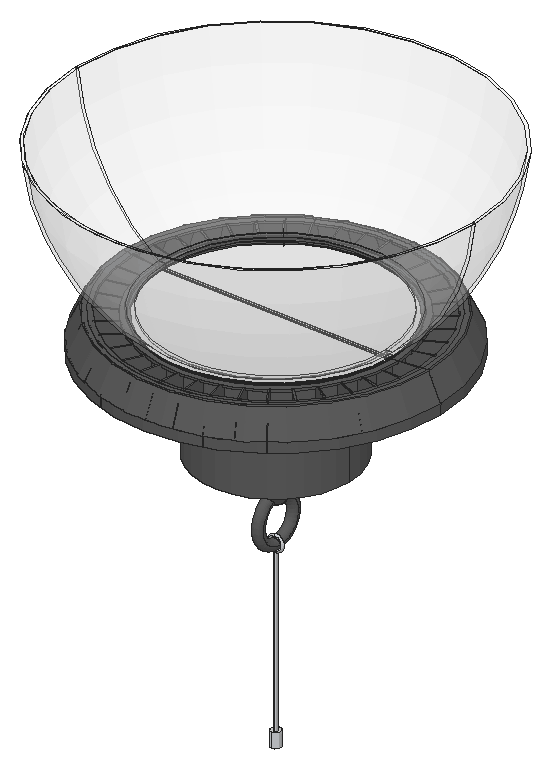
Revit family "0039346+0039361 Feilo Sylvania Lighting Fixture START HIGHBAY 4K 26KLM MEDIUM with PC LAMPSHADE TRANSPARENT FOR 26KLM", category Lighting Fixtures, host Face, Revit 2017
Family settings
  Host = Face
  Round Connector Dimension = Use Diameter
  Part Type = Normal
  OmniClass Number = 23.80.70.00
  OmniClass Title = Lighting
  Cut with Voids When Loaded = No
  Light Source = Yes
  Shared = No
  Room Calculation Point = No
Parameters (values of type "0039346+0039361 START HIGHBAY 4K 26KLM MEDIUM PC LAMPSHADE TRANSPARENT FOR 26KLM")
  WidthStraight_FEILO = if(SizeS_FEILO, 3 mm, if(SizeM_FEILO, 4 mm, 4.7 mm))  # 4.7 mm
  WidthRingChamfer_FEILO = if(SizeS_FEILO, 10.3 mm, if(SizeM_FEILO, 11.2 mm, 12.9 mm))  # 12.9 mm
  WidthCurved_FEILO = if(SizeS_FEILO, 17.4 mm, if(SizeM_FEILO, 16.4 mm, 26.2 mm))  # 26.2 mm
  WidthCurvedRing_FEILO = if(SizeS_FEILO, 3 mm, if(SizeM_FEILO, 4 mm, 4.7 mm))  # 4.7 mm
  WidthBracket_FEILO = 40 mm
  Weight = "3.7 kg"
  Wattage Comments = ""
  Wattage = 200 W
  WarrantyStartDate [instance] = "n/a"
  WarrantyGuarantorParts = "n/a"
  WarrantyDurationUnit = "n/a"
  WarrantyDurationParts = "n/a"
  WarrantyDescription = "n/a"
  built-in parameter 1150110 = 1 (stored number, unit not read)
  Voltage = 230 V
  VisibilityBracket_FEILO = no
  URL = "http://www.sylvania-lighting.com"
  TypeName = "START HIGHBAY 4K 26KLM MEDIUM PC LAMPSHADE TRANSPARENT FOR 26KLM"
  Type Image = <None>
  Type Comments = "n/a"
  built-in parameter 1114217 = 1 (stored number, unit not read)
  Tilt Angle = -90.00°
  ThicknessWall_FEILO = 1.5 mm
  ThicknessBracket_FEILO = 1.5 mm
  ThicknessBracketHalf_FEILO = ThicknessBracket_FEILO / 2  # 0.75 mm
  built-in parameter 1150109 = 1 (stored number, unit not read)
  built-in parameter 1150134 = 12
  SuspensionHeight_FEILO [instance] = 400 mm
  built-in parameter 1150113 = 1 (stored number, unit not read)
  SizeS_FEILO = no
  SizeM_FEILO = no
  ShadeThickness_FEILO = 3 mm
  ShadeSizeSM_FEILO = or(SizeS_FEILO, SizeM_FEILO)  # no
  ShadeRadiusOut_FEILO = 205 mm
  ShadeRadiusIn_FEILO = if(ShadeSizeSM_FEILO, 95 mm, 121 mm)  # 121 mm
  ShadeRadiusBend_FEILO = if(ShadeSizeSM_FEILO, 210 mm, 210 mm)  # 210 mm
  ShadeHeight_FEILO = if(ShadeSizeSM_FEILO, 120 mm, 151 mm)  # 151 mm
  SerialNumber [instance] = "n/a"
  Rib4_FEILO = if(SizeS_FEILO, 18.1 mm, if(SizeM_FEILO, 13.6 mm, 14.6 mm))  # 14.6 mm
  Rib3_FEILO = if(SizeS_FEILO, 15.3 mm, if(SizeM_FEILO, 17.6 mm, 20.2 mm))  # 20.2 mm
  Rib2_FEILO = if(SizeS_FEILO, 3.6 mm, if(SizeM_FEILO, 3.9 mm, 4.5 mm))  # 4.5 mm
  Rib1_FEILO = if(SizeS_FEILO, 15.1 mm, if(SizeM_FEILO, 16.5 mm, 19 mm))  # 19 mm
  RadiusDiffuser_FEILO = if(SizeS_FEILO, 95.2 mm, if(SizeM_FEILO, 105.3 mm, 120 mm))  # 120 mm
  RadiusArrayPost_FEILO = DriverRadius_FEILO - 6 mm  # 70.4 mm
  RHRadius3_FEILO = if(SizeS_FEILO, 6.6 mm, if(SizeM_FEILO, 7.4 mm, 8.6 mm))  # 8.6 mm
  RHRadius2_FEILO = if(SizeS_FEILO, 11 mm, if(SizeM_FEILO, 12 mm, 14 mm))  # 14 mm
  RHRadius1_FEILO = if(SizeS_FEILO, 13.6 mm, if(SizeM_FEILO, 14.9 mm, 17.7 mm))  # 17.7 mm
  RHHeight4_FEILO = if(SizeS_FEILO, 7.3 mm, if(SizeM_FEILO, 8 mm, 9.2 mm))  # 9.2 mm
  RHHeight3_FEILO = if(SizeS_FEILO, 3.6 mm, if(SizeM_FEILO, 3.7 mm, 4.6 mm))  # 4.6 mm
  RHHeight2_FEILO = if(SizeS_FEILO, 2 mm, if(SizeM_FEILO, 2.2 mm, 2.6 mm))  # 2.6 mm
  RHHeight1_FEILO = if(SizeS_FEILO, 11.8 mm, if(SizeM_FEILO, 15.3 mm, 17.4 mm))  # 17.4 mm
  Photometric Web File = "0039346+0039361.ies"
  Material_5_FEILO = Shade-Sylvania-StartHighbay-PC
  Material_3_FEILO = LED-Sylvania-StartHighbay-Glow
  PowerFactor = 0.95
  PowerConsumption = "200 W"
  NominalLength = 339 mm
  NominalHeight = 194 mm
  NominalDepth = 339 mm
  Name = "START HIGHBAY 4K 26KLM MEDIUM PC LAMPSHADE TRANSPARENT FOR 26KLM"
  ModelReference = Name  # "START HIGHBAY 4K 26KLM MEDIUM PC LAMPSHADE TRANSPARENT FOR 26KLM"
  ModelNumber = "0039346+0039361"
  Model = Name  # "START HIGHBAY 4K 26KLM MEDIUM PC LAMPSHADE TRANSPARENT FOR 26KLM"
  Material = "aluminium alloy housing, polycarbonate diffuser"
  ManufacturerName = "Feilo Sylvania"
  Manufacturer = "Feilo Sylvania"
  LuminousEfficacy = "130 lm/W"
  built-in parameter 1150105 = 35142.4 (stored number, unit not read)
  Lumens = 26000 lm
  LuminaireType = ""
  built-in parameter 1150115 = 1 (stored number, unit not read)
  LightOutputRatio = "n/a"
  built-in parameter 1150137 = (empty or 0)
  built-in parameter 1150139 = (empty or 0)
  LampsType = Lamp  # "LED"
  LampNominalLuminous = "26000 lm"
  LampMacAdamStep = "n/a"
  LampColourTemperature = "4000 K"
  LampColourRenderingIndex = "80"
  built-in parameter 1150112 = 1 (stored number, unit not read)
  built-in parameter 1150114 = 1 (stored number, unit not read)
  Lamp = "LED"
  Keynote = "16500"
  InstallationDate [instance] = "n/a"
  InputVoltage = "220-240V~"
  InputNominalFrequency = "50/60 Hz"
  built-in parameter 1150132 = (empty or 0)
  built-in parameter 1150102 = (empty or 0)
  built-in parameter 1150107 = 4000 (stored number, unit not read)
  built-in parameter 1150138 = (empty or 0)
  IngressProtection = "IP65"
  ImpactProtectionIndex = "IK08"
  built-in parameter 1150106 = 351.42 (stored number, unit not read)
  IfcExportType = "IfcLightFixtureType"
  IfcExportAs = "IfcLightFixtureType"
  HeightRing_FEILO = if(SizeS_FEILO, 19.8 mm, if(SizeM_FEILO, 32 mm, 36.8 mm))  # 36.8 mm
  HeightRingChamfer_FEILO = if(SizeS_FEILO, 11.7 mm, if(SizeM_FEILO, 23.2 mm, 26.6 mm))  # 26.6 mm
  EyeThickness_FEILO = if(SizeS_FEILO, 8.4 mm, if(SizeM_FEILO, 9.2 mm, 10.5 mm))  # 10.5 mm
  EyeThicknessHalf_FEILO = EyeThickness_FEILO / 2  # 5.25 mm
  EyeInner_FEILO = if(SizeS_FEILO, 13.8 mm, if(SizeM_FEILO, 15.1 mm, 17.3 mm))  # 17.3 mm
  ExpectedLife = 50000
  Emit from Circle Diameter = RadiusDiffuser_FEILO * 2  # 240 mm
  Emit Shape Visible in Rendering = no
  ElectricShockClassification = "Class I"
  built-in parameter 1150104 = 12.077 (stored number, unit not read)
  DurationUnit = "hours"
  DriverVerticalStraight_FEILO = if(SizeS_FEILO, 46.5 mm, if(SizeM_FEILO, 49.7 mm, 57 mm))  # 57 mm
  DriverVerticalChamfer_FEILO = if(SizeS_FEILO, 7.5 mm, if(SizeM_FEILO, 8.2 mm, 9.5 mm))  # 9.5 mm
  DriverRadius_FEILO = if(SizeS_FEILO, 61.4 mm, if(SizeM_FEILO, 67.2 mm, 76.4 mm))  # 76.4 mm
  DriverRadiusTop_FEILO = if(SizeS_FEILO, 42 mm, if(SizeM_FEILO, 45.3 mm, 52.4 mm))  # 52.4 mm
  DriverBottom_FEILO = if(SizeS_FEILO, 56 mm, if(SizeM_FEILO, 64.5 mm, 74 mm))  # 74 mm
  DocumentationLiterature = "http://www.sylvania-lighting.com/product/en-int/products/0039346"
  DimmingControlOptions = "n/a"
  Material_2_FEILO = Diffuser-Sylvania-StartHighbay-Transparent
  Radius_FEILO = if(SizeS_FEILO, 135 mm, if(SizeM_FEILO, 148 mm, 169.5 mm))  # 169.5 mm
  Dimming Lamp Color Temperature Shift = <None>
  DiameterWire_FEILO = 3 mm
  DiameterWireSupport_FEILO = 10 mm
  Description = "START HIGHBAY, includes 1 m cables, black aluminium housing, 26000LM, 200W, 130lm/W, 4000K, Driver current: 5000mA, CR80, 60° beam angle, 1-10V dimmable,  IP65, IK08, 50,000 hrs (L70B50), (LxWxH) 339x339x194mm"
  Default Elevation = 1219.2 mm
  CreatedOn = "2/28/2018"
  CreatedBy = ""
  Cost = 0
  Color Filter = 16777215
  built-in parameter 1114216 [instance] = (empty or 0)
  ClassificationValue = "EF_70_80"
  ClassificationName = "Uniclass2015"
  Material_1_FEILO = Body-Sylvania-StartHighbay-Black
  BarCode [instance] = "n/a"
  built-in parameter 1114218 = 1 (stored number, unit not read)
  built-in parameter 1150133 = 10 (stored number, unit not read)
  AssetType = "Fixed"
  AssetIdentifier [instance] = "n/a"
  Assembly Code = "D5020200"
  Apparent Load = 200 VA
  Material_4_FEILO = Shade-Sylvania-StartHighbay-PC
Reference planes
  plane 1 "Center (Front/Back)": y = 0
  plane 2: z = 0
  plane 3 "Center (Left/Right)": x = 0
  plane 4: z = 400
  plane 5: x = -169.5
  plane 6: x = -156.6
  plane 7: z = 373.4
  plane 8: z = 363.2
  plane 9: x = -151.9
  plane 10: z = 397.375
  plane 11: x = -125.7
  plane 12: x = -120
  plane 13: x = -147.2
  plane 14: z = 398.375
  plane 15: z = 396.375
  plane 16: x = -117
  plane 17: z = 395.375
  plane 18: x = -168
  plane 19: x = -150.5
  plane 20: z = 358.7
  plane 21: x = -130.3
  plane 22: z = 344.1
  plane 23: x = -20
  plane 24: z = 326
  plane 25: x = -76.4
  plane 26: z = 269
  plane 27: x = -52.4
  plane 28: z = 259.5
  plane 29: x = -17.7
  plane 30: z = 242.1
  plane 31: z = 239.5
  plane 32: x = -14
  plane 33: z = 234.9
  plane 34: z = 225.7
  plane 35: x = -8.6
  plane 36: z = 208.4
  plane 37: z = 191.1
  plane 38: x = 5.25
  plane 39: x = -5.25
  plane 40: z = 180.6
  plane 41: z = 185.85
  plane 42: x = -162.3
  plane 43: x = -167
  plane 44: z = 361.7
  plane 45: x = -155.1
  plane 46: z = 297.5
  plane 47: y = -20
  plane 48: y = 20
  plane 49: x = 169.5
  plane 50: x = 156.6
  plane 51: x = 168
  plane 52: x = 162.3
  plane 53: x = 167
  plane 54: x = 155.1
  plane 55: z = 194.1
  plane 56: y = 1.5
  plane 57: y = -1.5
  plane 58: z = 192.6
  plane 59: z = 179.1
  plane 60: z = 177.6
  plane 61: y = -5
  plane 62: y = 5
  plane 63: z = 14
  plane 64: x = -205
  plane 65: z = 551
  plane 66: x = -121
  plane 67: x = -113
  plane 68: x = -202
  plane 69: z = 403
Forms (mm)
  Revolve 1, solid, material "Body-Sylvania-StartHighbay-Black" <- "Material_1_FEILO", detail levels medium+fine
    sketch origin (0, 0, 0) x (1, 0, 0) y (0, 0, 1)
      loop
        line (-169.5, 363.2) -> (-168, 363.2) -> (-168, 373.055) -> (-156.206, 397.375) -> (-147.2, 397.375) -> (-147.2, 399.137)
        arc (-147.2, 399.137) -> (-149.554, 399.547) -> (-151.9, 400) r 132.063
        line (-151.9, 400) -> (-156.141, 400)
        arc (-156.141, 400) -> (-156.63, 399.826) -> (-156.899, 399.383) r 0.774
        line (-156.899, 399.383) -> (-169.5, 373.4) -> (-169.5, 363.2)
      axis (0, 400) -> (0, 363.2)
    angle from 360 to 0
  Revolve 2, solid, material "Body-Sylvania-StartHighbay-Black" <- "Material_1_FEILO", detail levels medium+fine
    sketch origin (0, 0, 0) x (1, 0, 0) y (0, 0, 1)
      loop
        line (-125.7, 395.375) -> (-120, 395.375) -> (-120, 373.4) -> (0, 373.4) -> (0, 395.375) -> (-117, 395.375) -> (-117, 396.375) -> (-120, 396.375) -> (-120, 397.375) -> (-125.7, 397.375) -> (-125.7, 395.375)
      axis (0, 397.375) -> (0, 373.4)
    angle from 360 to 0
  Revolve 3, solid, material "Diffuser-Sylvania-StartHighbay-Transparent" <- "Material_2_FEILO", detail levels medium+fine
    sketch origin (0, 0, 0) x (1, 0, 0) y (0, 0, 1)
      loop
        line (-120, 396.375) -> (0, 396.375) -> (0, 398.375) -> (-120, 398.375) -> (-120, 396.375)
      axis (0, 398.375) -> (0, 396.375)
    angle from 360 to 0
  Revolve 4, solid, material "Body-Sylvania-StartHighbay-Black" <- "Material_1_FEILO"
    sketch origin (0, 0, 0) x (1, 0, 0) y (0, 0, 1)
      loop
        line (-76.4, 344.1) -> (-76.4, 269) -> (-52.4, 259.5) -> (-17.7, 259.5) -> (-17.7, 242.1) -> (-14, 239.5) -> (-14, 234.9) -> (-9.037, 226.426)
        arc (-9.037, 226.426) -> (-8.49, 225.894) -> (-7.753, 225.7) r 1.5
        line (-7.753, 225.7) -> (0, 225.7) -> (0, 344.1) -> (-76.4, 344.1)
      axis (0, 344.1) -> (0, 225.7)
    angle from 360 to 0
  Revolve 5, solid, material "Body-Sylvania-StartHighbay-Black" <- "Material_1_FEILO"
    sketch origin (0, 0, 0) x (1, 0, 0) y (0, 0, 1)
      loop
        circle (0, 185.85) r 5.25
      axis (5.25, 208.4) -> (-5.25, 208.4)
    angle from 360 to 0
  Extrusion 6, solid, material "Body-Sylvania-StartHighbay-Black" <- "Material_1_FEILO", visible <- "VisibilityBracket_FEILO"
    sketch origin (0, 0, 0) x (1, 0, 0) y (0, 0, 1)
      loop
        line (-167, 363.2) -> (-167, 361.7) -> (-157.35, 361.7)
        arc (-157.35, 361.7) -> (-156.82, 361.48) -> (-156.6, 360.95) r 0.75
        line (-156.6, 360.95) -> (-156.6, 297.5) -> (-155.1, 297.5) -> (-155.1, 361.7)
        arc (-155.1, 361.7) -> (-155.539, 362.761) -> (-156.6, 363.2) r 1.5
        line (-156.6, 363.2) -> (-167, 363.2)
      loop
        line (167, 363.2) -> (156.6, 363.2)
        arc (156.6, 363.2) -> (155.539, 362.761) -> (155.1, 361.7) r 1.5
        line (155.1, 361.7) -> (155.1, 297.5) -> (156.6, 297.5) -> (156.6, 360.95)
        arc (156.6, 360.95) -> (156.82, 361.48) -> (157.35, 361.7) r 0.75
        line (157.35, 361.7) -> (167, 361.7) -> (167, 363.2)
    from -20 to 20
  Extrusion 7, void
    sketch origin (0, 0, 0) x (0, 1, 0) y (0, 0, 1)
      loop
        arc (-10, 297.5) -> (-17.071, 300.429) -> (-20, 307.5) r 10
        line (-20, 307.5) -> (-25, 307.5) -> (-25, 292.5) -> (-10, 292.5) -> (-10, 297.5)
      loop
        line (10, 297.5) -> (10, 292.5) -> (25, 292.5) -> (25, 307.5) -> (20, 307.5)
        arc (20, 307.5) -> (17.071, 300.429) -> (10, 297.5) r 10
    from -156.6 to 156.6
  Revolve 8, solid, material "Body-Sylvania-StartHighbay-Black" <- "Material_1_FEILO", detail levels coarse
    sketch origin (0, 0, 0) x (1, 0, 0) y (0, 0, 1)
      loop
        line (0, 400) -> (-156.6, 400) -> (-169.5, 373.4) -> (-169.5, 363.2) -> (-150.5, 363.2) -> (-150.5, 358.7) -> (-130.3, 344.1) -> (0, 344.1) -> (0, 400)
      axis (0, 400) -> (0, 344.1)
    angle from 360 to 0
  Revolve 9, solid
    sketch origin (0, 0, 0) x (0, 1, 0) y (0, 0, 1)
      loop
        circle (0, 192.6) r 1.5
      axis (1.5, 185.85) -> (-1.5, 185.85)
    angle from 360 to 0
  Revolve 10, solid
    sketch origin (0, 0, 0) x (0, 1, 0) y (0, 0, 1)
      loop
        line (0, 0) -> (0, 179.1) -> (-1.5, 179.1) -> (-1.5, 14) -> (-5, 14) -> (-5, 0) -> (0, 0)
      axis (0, 0) -> (0, 179.1)
    angle from 360 to 0
  Revolve 11, solid, material "Shade-Sylvania-StartHighbay-PC" <- "Material_4_FEILO"
    sketch origin (0, 0, 0) x (1, 0, 0) y (0, 0, 1)
      loop
        line (-121, 400) -> (-113, 400) -> (-113, 403) -> (-120.341, 403)
        arc (-120.341, 403) -> (-177.055, 468.269) -> (-202.193, 551) r 207.203
        line (-202.193, 551) -> (-205, 551)
        arc (-205, 551) -> (-179.25, 466.46) -> (-121, 400) r 210
      axis (0, 551) -> (0, 400)
    angle from 360 to 0
Cuts and joins
  Extrusion 7 cuts Extrusion 6
Lines and regions (mm)
  reference lines
    curve 1: line (-169.5, 0, 373.4) -> (-156.6, 0, 400)
    curve 2: line (-125.7, 0, 397.375) -> (0, 0, 397.375)
    curve 3: arc (-125.7, 0, 397.375) -> (-138.866, 0, 398.033) -> (-151.9, 0, 400) r 132.063
    curve 4: line (-156.6, 0, 400) -> (-151.9, 0, 400)
    curve 5: line (-156.206, 0, 397.375) -> (-168, 0, 373.055)
    curve 6: line (-150.5, 0, 358.7) -> (-130.3, 0, 344.1)
    curve 7: line (-14, 0, 234.9) -> (-8.6, 0, 225.7)
    curve 8: circle (0, 0, 185.85) r 5.25 normal (0, -1, 0)
    curve 9: arc (-121, 0, 400) -> (-179.25, 0, 466.46) -> (-205, 0, 551) r 210
Dimensions and locks
  "Radius_FEILO": plane 3 "Center (Left/Right)" to plane 5
  "WidthRingChamfer_FEILO": plane 6 to plane 5
  "WidthStraight_FEILO": plane 9 to plane 6
  "WidthCurvedRing_FEILO": plane 13 to plane 9
  locked: plane 10 to plane 15 at 1
  locked: plane 14 to plane 10 at 1
  locked: plane 4 to plane 10 at 2.625
  locked: plane 15 to plane 17 at 1
  "ThicknessWall_FEILO": plane 18 to plane 5
  "ThicknessWall_FEILO": curve 5 to curve 1
  "HeightRingChamfer_FEILO": plane 4 to plane 7
  "HeightRing_FEILO": plane 4 to plane 8
  "RadiusDiffuser_FEILO": plane 3 "Center (Left/Right)" to plane 12
  locked: plane 16 to plane 12 at 3
  "WidthCurved_FEILO": plane 11 to plane 9
  "SuspensionHeight_FEILO": plane 4 to plane 2
  "Rib1_FEILO": plane 19 to plane 5
  "Rib2_FEILO": plane 8 to plane 20
  "Rib3_FEILO": plane 21 to plane 19
  "Rib4_FEILO": plane 20 to plane 22
  locked: plane 3 "Center (Left/Right)" to plane 23 at 20
  "DriverBottom_FEILO": plane 4 to plane 24
  "DriverRadius_FEILO": plane 3 "Center (Left/Right)" to plane 25
  "DriverVerticalStraight_FEILO": plane 24 to plane 26
  "DriverRadiusTop_FEILO": plane 3 "Center (Left/Right)" to plane 27
  "DriverVerticalChamfer_FEILO": plane 26 to plane 28
  "RHRadius1_FEILO": plane 3 "Center (Left/Right)" to plane 29
  "RHHeight2_FEILO": plane 30 to plane 31
  "RHRadius2_FEILO": plane 3 "Center (Left/Right)" to plane 32
  "RHHeight3_FEILO": plane 31 to plane 33
  "RHHeight4_FEILO": plane 33 to plane 34
  "RHRadius3_FEILO": plane 3 "Center (Left/Right)" to plane 35
  "RHHeight1_FEILO": plane 28 to plane 30
  "EyeInner_FEILO": plane 34 to plane 36
  "EyeInner_FEILO": plane 36 to plane 37
  equal spacing: plane 38, plane 3 "Center (Left/Right)", plane 39
  "EyeThickness_FEILO": plane 38 to plane 39
  "EyeThickness_FEILO": plane 37 to plane 40
  equal spacing: plane 37, plane 41, plane 40
  equal spacing: plane 6, plane 42, plane 18
  "ThicknessBracket_FEILO": plane 45 to plane 6
  "ThicknessBracket_FEILO": plane 8 to plane 44
  locked: plane 43 to plane 18 at 1
  equal spacing: plane 24, plane 46, plane 26
  equal spacing: plane 47, plane 1 "Center (Front/Back)", plane 48
  "WidthBracket_FEILO": plane 47 to plane 48
  "WidthRingChamfer_FEILO": plane 50 to plane 49
  "ThicknessWall_FEILO": plane 51 to plane 49
  equal spacing: plane 50, plane 52, plane 51
  "ThicknessBracket_FEILO": plane 54 to plane 50
  locked: plane 53 to plane 51 at 1
  "Radius_FEILO": plane 49 to plane 3 "Center (Left/Right)"
  equal spacing: plane 57, imposter light, plane 56
  "DiameterWire_FEILO": plane 57 to plane 56
  "DiameterWire_FEILO": plane 37 to plane 55
  equal spacing: plane 37, plane 58, plane 55
  "DiameterWire_FEILO": plane 60 to plane 40
  equal spacing: plane 60, plane 59, plane 40
  equal spacing: plane 61, plane 1 "Center (Front/Back)", plane 62
  "DiameterWireSupport_FEILO": plane 61 to plane 62
  locked: plane 63 to plane 2 at 14
  "ShadeRadiusOut_FEILO": plane 3 "Center (Left/Right)" to plane 64
  "ShadeHeight_FEILO": plane 65 to plane 4
  "ShadeRadiusIn_FEILO": plane 3 "Center (Left/Right)" to plane 66
  locked: plane 67 to plane 66 at 8
  "ShadeThickness_FEILO": plane 69 to plane 4
  "ShadeThickness_FEILO": plane 68 to plane 64
  "EyeThicknessHalf_FEILO": radius of curve 8
  "ThicknessBracket_FEILO": radius of Extrusion 6 sketch curve  (x2)
  "ThicknessBracketHalf_FEILO": radius of Extrusion 6 sketch curve  (x2)
  "DiameterWire_FEILO": diameter of Revolve 9 sketch curve
  "ShadeRadiusBend_FEILO": radius of curve 9
  aligned and locked: plane 2 to host face
  aligned and locked: level to host face
  aligned and locked: plane 5 to curve 1
  aligned and locked: plane 6 to curve 1
  aligned and locked: plane 7 to curve 1
  aligned and locked: plane 10 to curve 2
  aligned and locked: plane 9 to curve 3
  aligned and locked: plane 4 to curve 3
  aligned and locked: plane 11 to curve 3
  aligned and locked: plane 4 to curve 4
  aligned and locked: plane 18 to curve 5
  aligned and locked: plane 10 to curve 5
  aligned and locked: Revolve 1 sketch curve to plane 3 "Center (Left/Right)"
  aligned and locked: Revolve 1 sketch curve to curve 3
  aligned and locked: Revolve 1 sketch curve to curve 1
  aligned and locked: plane 4 to Revolve 1 sketch curve
  aligned and locked: plane 9 to Revolve 1 sketch curve
  aligned and locked: Revolve 1 sketch curve to plane 13
  aligned and locked: Revolve 1 sketch curve to plane 10
  aligned and locked: plane 13 to Revolve 1 sketch curve
  aligned and locked: plane 10 to Revolve 1 sketch curve
  aligned and locked: Revolve 1 sketch curve to plane 18
  aligned and locked: Revolve 1 sketch curve to plane 8
  aligned and locked: plane 5 to Revolve 1 sketch curve  (x2)
  aligned and locked: Revolve 2 sketch curve to plane 3 "Center (Left/Right)"
  aligned and locked: plane 11 to Revolve 2 sketch curve
  aligned and locked: Revolve 2 sketch curve to curve 2
  aligned and locked: plane 15 to Revolve 2 sketch curve
  aligned and locked: Revolve 2 sketch curve to plane 16
  aligned and locked: plane 17 to Revolve 2 sketch curve  (x2)
  aligned and locked: Revolve 2 sketch curve to plane 12
  aligned and locked: plane 7 to Revolve 2 sketch curve
  aligned and locked: Revolve 3 sketch curve to plane 3 "Center (Left/Right)"
  aligned and locked: Revolve 3 sketch curve to plane 14
  aligned and locked: plane 3 "Center (Left/Right)" to Revolve 3 sketch curve
  aligned and locked: Revolve 3 sketch curve to plane 12
  aligned and locked: plane 15 to Revolve 3 sketch curve
  aligned and locked: Revolve 1 sketch curve to curve 5
  aligned and locked: plane 22 to curve 6
  aligned and locked: plane 21 to curve 6
  aligned and locked: plane 20 to curve 6
  aligned and locked: plane 19 to curve 6
  aligned and locked: plane 33 to curve 7
  aligned and locked: plane 32 to curve 7
  aligned and locked: plane 35 to curve 7
  aligned and locked: plane 34 to curve 7
  aligned and locked: Revolve 4 sketch curve to plane 3 "Center (Left/Right)"
  aligned and locked: Revolve 4 sketch curve to plane 25
  aligned and locked: plane 27 to Revolve 4 sketch curve
  aligned and locked: plane 28 to Revolve 4 sketch curve
  aligned and locked: plane 30 to Revolve 4 sketch curve
  aligned and locked: Revolve 4 sketch curve to plane 29
  aligned and locked: plane 31 to Revolve 4 sketch curve
  aligned and locked: Revolve 4 sketch curve to curve 7
  aligned and locked: Revolve 4 sketch curve to plane 32
  aligned and locked: plane 34 to Revolve 4 sketch curve
  aligned and locked: plane 3 "Center (Left/Right)" to Revolve 4 sketch curve
  aligned and locked: plane 3 "Center (Left/Right)" to curve 8
  aligned and locked: plane 41 to curve 8
  aligned and locked: Revolve 5 sketch curve to plane 36
  aligned and locked: Revolve 5 sketch curve to curve 8
  aligned and locked: plane 43 to Extrusion 6 sketch curve  (x2)
  aligned and locked: plane 8 to Extrusion 6 sketch curve  (x3)
  aligned and locked: Extrusion 6 sketch curve to plane 45
  aligned and locked: Extrusion 6 sketch curve to plane 46  (x2)
  aligned and locked: plane 6 to Extrusion 6 sketch curve
  aligned and locked: Extrusion 6 sketch curve to plane 44  (x2)
  aligned and locked: Extrusion 6 to plane 48
  aligned and locked: plane 47 to Extrusion 6
  aligned and locked: plane 53 to Extrusion 6 sketch curve
  aligned and locked: plane 50 to Extrusion 6 sketch curve
  aligned and locked: Extrusion 6 sketch curve to plane 54
  aligned and locked: Extrusion 7 sketch curve to Extrusion 7 sketch curve
  aligned and locked: Extrusion 7 to plane 6
  aligned and locked: Extrusion 7 to Extrusion 6
  aligned and locked: Revolve 4 sketch curve to plane 22
  aligned and locked: plane 23 to nested 1
  aligned and locked: plane 1 "Center (Front/Back)" to nested 1
  aligned and locked: Revolve 8 sketch curve to plane 3 "Center (Left/Right)"
  aligned and locked: Revolve 8 sketch curve to plane 4
  aligned and locked: plane 6 to Revolve 8 sketch curve
  aligned and locked: plane 4 to Revolve 8 sketch curve
  aligned and locked: plane 7 to Revolve 8 sketch curve
  aligned and locked: Revolve 8 sketch curve to plane 5
  aligned and locked: plane 8 to Revolve 8 sketch curve  (x2)
  aligned and locked: Revolve 8 sketch curve to plane 19
  aligned and locked: plane 20 to Revolve 8 sketch curve
  aligned and locked: plane 19 to Revolve 8 sketch curve
  aligned and locked: plane 21 to Revolve 8 sketch curve
  aligned and locked: plane 22 to Revolve 8 sketch curve  (x2)
  aligned and locked: Revolve 8 sketch curve to Revolve 8 sketch curve
  aligned and locked: imposter light to plane 4
  aligned and locked: plane 3 "Center (Left/Right)" to imposter light
  aligned and locked: imposter light to plane 1 "Center (Front/Back)"
  aligned and locked: Revolve 9 sketch curve to plane 41
  aligned and locked: Revolve 10 sketch curve to plane 1 "Center (Front/Back)"
  aligned and locked: plane 1 "Center (Front/Back)" to Revolve 10 sketch curve  (x2)
  aligned and locked: host face to Revolve 10 sketch curve
  aligned and locked: plane 63 to Revolve 10 sketch curve
  aligned and locked: Revolve 10 sketch curve to plane 61
  aligned and locked: Revolve 10 sketch curve to plane 57
  aligned and locked: plane 59 to Revolve 10 sketch curve
  aligned and locked: plane 64 to curve 9
  aligned and locked: plane 65 to curve 9
  aligned and locked: plane 66 to curve 9
  aligned and locked: plane 4 to curve 9
  aligned and locked: Revolve 11 sketch curve to curve 9
  aligned and locked: plane 67 to Revolve 11 sketch curve
  aligned and locked: plane 66 to Revolve 11 sketch curve
  aligned and locked: plane 65 to Revolve 11 sketch curve  (x2)
  aligned and locked: Revolve 11 sketch curve to plane 67
  aligned and locked: plane 69 to Revolve 11 sketch curve
Automatic sketch dimensions
  host sketch curve to host sketch curve = 2438.4 mm  (x2)
  Revolve 1 sketch curve to plane 6 = 0.299 mm
  plane 6 to Revolve 1 sketch curve = 0.459 mm
  Revolve 1 sketch curve to level = 609.6 mm
  Revolve 1 sketch curve to Revolve 1 sketch curve = 2312.223 mm
  Revolve 2 sketch curve to plane 12 = 0 mm
  Revolve 2 sketch curve to plane 3 "Center (Left/Right)" = 0 mm
  Revolve 2 sketch curve to level = 609.6 mm
  Revolve 2 sketch curve to plane 4 = 2339.058 mm
  Revolve 3 sketch curve to level = 609.6 mm
  Revolve 3 sketch curve to plane 4 = 2339.058 mm
  Revolve 5 sketch curve to plane 5 = 1080 mm
  plane 38 to Revolve 5 sketch curve = 1219.2 mm
  Extrusion 7 sketch curve to plane 47 = 0 mm
  plane 46 to Extrusion 7 sketch curve = 0 mm  (x2)
  Extrusion 7 sketch curve to plane 48 = 0 mm
  plane 47 to Extrusion 7 sketch curve = 5 mm
  plane 1 "Center (Front/Back)" to Extrusion 7 sketch curve = 10 mm
  Extrusion 7 sketch curve to Extrusion 7 sketch curve = 10 mm
  plane 46 to Extrusion 7 sketch curve = 5 mm
  Extrusion 7 sketch curve to Extrusion 7 sketch curve = 5 mm
  Extrusion 7 sketch curve to plane 48 = 5 mm
  Revolve 4 sketch curve to plane 26 = 0 mm
  Revolve 4 sketch curve to plane 35 = 0.437 mm
  plane 35 to Revolve 4 sketch curve = 0.847 mm
  Revolve 4 sketch curve to plane 34 = 0.726 mm
  plane 40 to Revolve 4 sketch curve = 590.2 mm
  Revolve 4 sketch curve to plane 4 = 2339.058 mm
  Revolve 8 sketch curve to level = 609.6 mm
  Revolve 8 sketch curve to Revolve 8 sketch curve = 2386.058 mm
  Revolve 9 sketch curve to plane 1 "Center (Front/Back)" = 0 mm
  plane 58 to Revolve 9 sketch curve = 0 mm
  plane 47 to Revolve 9 sketch curve = 2534.941 mm
  Revolve 9 sketch curve to plane 48 = 2077.409 mm
  Revolve 10 sketch curve to Revolve 10 sketch curve = 609.6 mm
  Revolve 10 sketch curve to plane 4 = 2123.807 mm
  curve 2 to plane 3 "Center (Left/Right)" = 0 mm
  Revolve 11 sketch curve to Revolve 11 sketch curve = 0 mm  (x2)
  Revolve 11 sketch curve to plane 3 "Center (Left/Right)" = 0 mm
  plane 66 to Revolve 11 sketch curve = 0.659 mm
  Revolve 11 sketch curve to level = 609.6 mm
  Revolve 11 sketch curve to Revolve 11 sketch curve = 2068.248 mm
Nested families
  nested 1: "Start Highbay Rib" at (0, 0, 397.375), type "Type Name", detail levels medium+fine
    with SuspensionHeight_FEILO 2.6 mm
  nested 2: "Start Highbay Rib" at (0, 0, 397.375) x (0.9877, 0.1564, 0) z (0, 0, 1), type "Type Name", detail levels medium+fine
    with SuspensionHeight_FEILO 2.6 mm
  nested 3: "Start Highbay Rib" at (0, 0, 397.375) x (0.9511, 0.309, 0) z (0, 0, 1), type "Type Name", detail levels medium+fine
    with SuspensionHeight_FEILO 2.6 mm
  nested 4: "Start Highbay Rib" at (0, 0, 397.375) x (0.891, 0.454, 0) z (0, 0, 1), type "Type Name", detail levels medium+fine
    with SuspensionHeight_FEILO 2.6 mm
  nested 5: "Start Highbay Rib" at (0, 0, 397.375) x (0.809, 0.5878, 0) z (0, 0, 1), type "Type Name", detail levels medium+fine
    with SuspensionHeight_FEILO 2.6 mm
  nested 6: "Start Highbay Rib" at (0, 0, 397.375) x (0.7071, 0.7071, 0) z (0, 0, 1), type "Type Name", detail levels medium+fine
    with SuspensionHeight_FEILO 2.6 mm
  nested 7: "Start Highbay Rib" at (0, 0, 397.375) x (0.5878, 0.809, 0) z (0, 0, 1), type "Type Name", detail levels medium+fine
    with SuspensionHeight_FEILO 2.6 mm
  nested 8: "Start Highbay Rib" at (0, 0, 397.375) x (0.454, 0.891, 0) z (0, 0, 1), type "Type Name", detail levels medium+fine
    with SuspensionHeight_FEILO 2.6 mm
  nested 9: "Start Highbay Rib" at (0, 0, 397.375) x (0.309, 0.9511, 0) z (0, 0, 1), type "Type Name", detail levels medium+fine
    with SuspensionHeight_FEILO 2.6 mm
  nested 10: "Start Highbay Rib" at (0, 0, 397.375) x (0.1564, 0.9877, 0) z (0, 0, 1), type "Type Name", detail levels medium+fine
    with SuspensionHeight_FEILO 2.6 mm
  nested 11: "Start Highbay Rib" at (0, 0, 397.375) x (0, 1, 0) z (0, 0, 1), type "Type Name", detail levels medium+fine
    with SuspensionHeight_FEILO 2.6 mm
  nested 12: "Start Highbay Rib" at (0, 0, 397.375) x (-0.1564, 0.9877, 0) z (0, 0, 1), type "Type Name", detail levels medium+fine
    with SuspensionHeight_FEILO 2.6 mm
  nested 13: "Start Highbay Rib" at (0, 0, 397.375) x (-0.309, 0.9511, 0) z (0, 0, 1), type "Type Name", detail levels medium+fine
    with SuspensionHeight_FEILO 2.6 mm
  nested 14: "Start Highbay Rib" at (0, 0, 397.375) x (-0.454, 0.891, 0) z (0, 0, 1), type "Type Name", detail levels medium+fine
    with SuspensionHeight_FEILO 2.6 mm
  nested 15: "Start Highbay Rib" at (0, 0, 397.375) x (-0.5878, 0.809, 0) z (0, 0, 1), type "Type Name", detail levels medium+fine
    with SuspensionHeight_FEILO 2.6 mm
  nested 16: "Start Highbay Rib" at (0, 0, 397.375) x (-0.7071, 0.7071, 0) z (0, 0, 1), type "Type Name", detail levels medium+fine
    with SuspensionHeight_FEILO 2.6 mm
  nested 17: "Start Highbay Rib" at (0, 0, 397.375) x (-0.809, 0.5878, 0) z (0, 0, 1), type "Type Name", detail levels medium+fine
    with SuspensionHeight_FEILO 2.6 mm
  nested 18: "Start Highbay Rib" at (0, 0, 397.375) x (-0.891, 0.454, 0) z (0, 0, 1), type "Type Name", detail levels medium+fine
    with SuspensionHeight_FEILO 2.6 mm
  nested 19: "Start Highbay Rib" at (0, 0, 397.375) x (-0.9511, 0.309, 0) z (0, 0, 1), type "Type Name", detail levels medium+fine
    with SuspensionHeight_FEILO 2.6 mm
  nested 20: "Start Highbay Rib" at (0, 0, 397.375) x (-0.9877, 0.1564, 0) z (0, 0, 1), type "Type Name", detail levels medium+fine
    with SuspensionHeight_FEILO 2.6 mm
  nested 21: "Start Highbay Rib" at (0, 0, 397.375) x (-1, 0, 0) z (0, 0, 1), type "Type Name", detail levels medium+fine
    with SuspensionHeight_FEILO 2.6 mm
  nested 22: "Start Highbay Rib" at (0, 0, 397.375) x (-0.9877, -0.1564, 0) z (0, 0, 1), type "Type Name", detail levels medium+fine
    with SuspensionHeight_FEILO 2.6 mm
  nested 23: "Start Highbay Rib" at (0, 0, 397.375) x (-0.9511, -0.309, 0) z (0, 0, 1), type "Type Name", detail levels medium+fine
    with SuspensionHeight_FEILO 2.6 mm
  nested 24: "Start Highbay Rib" at (0, 0, 397.375) x (-0.891, -0.454, 0) z (0, 0, 1), type "Type Name", detail levels medium+fine
    with SuspensionHeight_FEILO 2.6 mm
  nested 25: "Start Highbay Rib" at (0, 0, 397.375) x (-0.809, -0.5878, 0) z (0, 0, 1), type "Type Name", detail levels medium+fine
    with SuspensionHeight_FEILO 2.6 mm
  nested 26: "Start Highbay Rib" at (0, 0, 397.375) x (-0.7071, -0.7071, 0) z (0, 0, 1), type "Type Name", detail levels medium+fine
    with SuspensionHeight_FEILO 2.6 mm
  nested 27: "Start Highbay Rib" at (0, 0, 397.375) x (-0.5878, -0.809, 0) z (0, 0, 1), type "Type Name", detail levels medium+fine
    with SuspensionHeight_FEILO 2.6 mm
  nested 28: "Start Highbay Rib" at (0, 0, 397.375) x (-0.454, -0.891, 0) z (0, 0, 1), type "Type Name", detail levels medium+fine
    with SuspensionHeight_FEILO 2.6 mm
  nested 29: "Start Highbay Rib" at (0, 0, 397.375) x (-0.309, -0.9511, 0) z (0, 0, 1), type "Type Name", detail levels medium+fine
    with SuspensionHeight_FEILO 2.6 mm
  nested 30: "Start Highbay Rib" at (0, 0, 397.375) x (-0.1564, -0.9877, 0) z (0, 0, 1), type "Type Name", detail levels medium+fine
    with SuspensionHeight_FEILO 2.6 mm
  nested 31: "Start Highbay Rib" at (0, 0, 397.375) x (0, -1, 0) z (0, 0, 1), type "Type Name", detail levels medium+fine
    with SuspensionHeight_FEILO 2.6 mm
  nested 32: "Start Highbay Rib" at (0, 0, 397.375) x (0.1564, -0.9877, 0) z (0, 0, 1), type "Type Name", detail levels medium+fine
    with SuspensionHeight_FEILO 2.6 mm
  nested 33: "Start Highbay Rib" at (0, 0, 397.375) x (0.309, -0.9511, 0) z (0, 0, 1), type "Type Name", detail levels medium+fine
    with SuspensionHeight_FEILO 2.6 mm
  nested 34: "Start Highbay Rib" at (0, 0, 397.375) x (0.454, -0.891, 0) z (0, 0, 1), type "Type Name", detail levels medium+fine
    with SuspensionHeight_FEILO 2.6 mm
  nested 35: "Start Highbay Rib" at (0, 0, 397.375) x (0.5878, -0.809, 0) z (0, 0, 1), type "Type Name", detail levels medium+fine
    with SuspensionHeight_FEILO 2.6 mm
  nested 36: "Start Highbay Rib" at (0, 0, 397.375) x (0.7071, -0.7071, 0) z (0, 0, 1), type "Type Name", detail levels medium+fine
    with SuspensionHeight_FEILO 2.6 mm
  nested 37: "Start Highbay Rib" at (0, 0, 397.375) x (0.809, -0.5878, 0) z (0, 0, 1), type "Type Name", detail levels medium+fine
    with SuspensionHeight_FEILO 2.6 mm
  nested 38: "Start Highbay Rib" at (0, 0, 397.375) x (0.891, -0.454, 0) z (0, 0, 1), type "Type Name", detail levels medium+fine
    with SuspensionHeight_FEILO 2.6 mm
  nested 39: "Start Highbay Rib" at (0, 0, 397.375) x (0.9511, -0.309, 0) z (0, 0, 1), type "Type Name", detail levels medium+fine
    with SuspensionHeight_FEILO 2.6 mm
  nested 40: "Start Highbay Rib" at (0, 0, 397.375) x (0.9877, -0.1564, 0) z (0, 0, 1), type "Type Name", detail levels medium+fine
    with SuspensionHeight_FEILO 2.6 mm
Connectors
  electrical at (0, 0, 0), driven by "Apparent Load", driven by "PowerFactor", driven by "Voltage"
    settings: index 1, voltage 230 V, apparent load 200 VA, apparent load phase1 0 VA, apparent load phase2 0 VA, apparent load phase3 0 VA, power factor 0.95, load classification "Lighting", number of poles 1, system type 30, power factor state 1, is connector primary yes, connector utility no, sub classification motor no, connector description ""
Definition of nested family "Start Highbay Rib"
  Parameters (values of type "Type Name")
    WidthStraight_FEILO = if(SizeS_FEILO, 3 mm, if(SizeM_FEILO, 4 mm, 4.7 mm))  # 3 mm
    WidthRingChamfer_FEILO = if(SizeS_FEILO, 10.3 mm, if(SizeM_FEILO, 11.2 mm, 12.9 mm))  # 10.3 mm
    WidthCurved_FEILO = if(SizeS_FEILO, 17.4 mm, if(SizeM_FEILO, 16.4 mm, 26.2 mm))  # 17.4 mm
    WidthCurvedRing_FEILO = if(SizeS_FEILO, 3 mm, if(SizeM_FEILO, 4 mm, 4.7 mm))  # 3 mm
    WidthBracket_FEILO = 40 mm
    URL = "http://www.feilosylvania.com"
    Type Image = (empty or 0)
    Type Comments = "n/a"
    ThicknessWall_FEILO = 1.5 mm
    ThicknessBracket_FEILO = 1.5 mm
    ThicknessBracketHalf_FEILO = ThicknessBracket_FEILO / 2  # 0.75 mm
    SuspensionHeight_FEILO [instance] = 2.6 mm
    SizeS_FEILO = yes
    SizeM_FEILO = no
    Rib4_FEILO = if(SizeS_FEILO, 18.1 mm, if(SizeM_FEILO, 13.6 mm, 14.6 mm))  # 18.1 mm
    Rib3_FEILO = if(SizeS_FEILO, 15.3 mm, if(SizeM_FEILO, 17.6 mm, 20.2 mm))  # 15.3 mm
    Rib2_FEILO = if(SizeS_FEILO, 3.6 mm, if(SizeM_FEILO, 3.9 mm, 4.5 mm))  # 3.6 mm
    Rib1_FEILO = if(SizeS_FEILO, 15.1 mm, if(SizeM_FEILO, 16.5 mm, 19 mm))  # 15.1 mm
    RadiusRib_FEILO = 2 mm
    RadiusDiffuser_FEILO = if(SizeS_FEILO, 95.2 mm, if(SizeM_FEILO, 105.3 mm, 120 mm))  # 95.2 mm
    RHRadius3_FEILO = if(SizeS_FEILO, 6.6 mm, if(SizeM_FEILO, 7.4 mm, 8.6 mm))  # 6.6 mm
    RHRadius2_FEILO = if(SizeS_FEILO, 11 mm, if(SizeM_FEILO, 12 mm, 14 mm))  # 11 mm
    RHRadius1_FEILO = if(SizeS_FEILO, 13.6 mm, if(SizeM_FEILO, 14.9 mm, 17.7 mm))  # 13.6 mm
    RHHeight4_FEILO = if(SizeS_FEILO, 7.3 mm, if(SizeM_FEILO, 8 mm, 9.2 mm))  # 7.3 mm
    RHHeight3_FEILO = if(SizeS_FEILO, 3.6 mm, if(SizeM_FEILO, 3.7 mm, 4.6 mm))  # 3.6 mm
    RHHeight2_FEILO = if(SizeS_FEILO, 2 mm, if(SizeM_FEILO, 2.2 mm, 2.6 mm))  # 2 mm
    RHHeight1_FEILO = if(SizeS_FEILO, 11.8 mm, if(SizeM_FEILO, 15.3 mm, 17.4 mm))  # 11.8 mm
    Material_3_FEILO = none
    Model = ""
    Manufacturer = "Feilo Sylvania"
    Keynote = "16500"
    HeightRing_FEILO = if(SizeS_FEILO, 19.8 mm, if(SizeM_FEILO, 32 mm, 36.8 mm))  # 19.8 mm
    HeightRingChamfer_FEILO = if(SizeS_FEILO, 11.7 mm, if(SizeM_FEILO, 23.2 mm, 26.6 mm))  # 11.7 mm
    EyeThickness_FEILO = if(SizeS_FEILO, 8.4 mm, if(SizeM_FEILO, 9.2 mm, 10.5 mm))  # 8.4 mm
    EyeThicknessHalf_FEILO = EyeThickness_FEILO / 2  # 4.2 mm
    EyeInner_FEILO = if(SizeS_FEILO, 13.8 mm, if(SizeM_FEILO, 15.1 mm, 17.3 mm))  # 13.8 mm
    DriverVerticalStraight_FEILO = if(SizeS_FEILO, 46.5 mm, if(SizeM_FEILO, 49.7 mm, 57 mm))  # 46.5 mm
    DriverVerticalChamfer_FEILO = if(SizeS_FEILO, 7.5 mm, if(SizeM_FEILO, 8.2 mm, 9.5 mm))  # 7.5 mm
    DriverRadius_FEILO = if(SizeS_FEILO, 61.4 mm, if(SizeM_FEILO, 67.2 mm, 76.4 mm))  # 61.4 mm
    DriverRadiusTop_FEILO = if(SizeS_FEILO, 42 mm, if(SizeM_FEILO, 45.3 mm, 52.4 mm))  # 42 mm
    DriverBottom_FEILO = if(SizeS_FEILO, 56 mm, if(SizeM_FEILO, 64.5 mm, 74 mm))  # 56 mm
    Material_2_FEILO = none
    Radius_FEILO = if(SizeS_FEILO, 135 mm, if(SizeM_FEILO, 148 mm, 169.5 mm))  # 135 mm
    Description = ""
    Default Elevation = 1219.2 mm
    Cost = 0
    Material_1_FEILO = none
    Assembly Code = "D5020200"
    Material_4_FEILO = none
  Reference planes
    plane 1 "Center (Front/Back)": y = 0
    plane 2: z = 0
    plane 3 "Center (Left/Right)": x = 0
    plane 4: z = 2.6
    plane 5: x = -135
    plane 6: x = -124.7
    plane 7: z = -9.1
    plane 8: z = -17.2
    plane 9: x = -121.7
    plane 10: z = -0.025
    plane 11: x = -104.3
    plane 12: x = -95.2
    plane 13: x = -118.7
    plane 14: z = 0.975
    plane 15: z = -1.025
    plane 16: x = -92.2
    plane 17: z = -2.025
    plane 18: x = -133.5
    plane 19: x = -119.9
    plane 20: z = -20.8
    plane 21: x = -104.6
    plane 22: z = -38.9
    plane 23: x = -20
    plane 24: z = -53.4
    plane 25: x = -61.4
    plane 26: z = -99.9
    plane 27: x = -42
    plane 28: z = -107.4
    plane 29: x = -13.6
    plane 30: z = -119.2
    plane 31: z = -121.2
    plane 32: x = -11
    plane 33: z = -124.8
    plane 34: z = -132.1
    plane 35: x = -6.6
    plane 36: z = -145.9
    plane 37: z = -159.7
    plane 38: x = 4.2
    plane 39: x = -4.2
    plane 40: z = -168.1
    plane 41: z = -163.9
    plane 42: x = -129.1
    plane 43: x = -132.5
    plane 44: z = -18.7
    plane 45: x = -123.2
    plane 46: z = -76.65
    plane 47: y = -20
    plane 48: y = 20
    plane 49: x = 135
    plane 50: x = 124.7
    plane 51: x = 133.5
    plane 52: x = 129.1
    plane 53: x = 132.5
    plane 54: x = 123.2
    plane 55: y = 0.75
    plane 56: y = -0.75
  Forms (mm)
    Extrusion 1, solid
      sketch origin (4.2, 0, 0) x (1, 0, 0) y (0, 1, 0)
        loop
          line (-1219.2, 1219.2) -> (-1219.2, -1219.2) -> (1219.2, -1219.2) -> (1219.2, 1219.2) -> (-1219.2, 1219.2)
      from 0 to -68.017
    Extrusion 2, solid, material <- "Material_1_FEILO"
      sketch origin (0, 0, 0) x (1, 0, 0) y (0, 0, 1)
        loop
          arc (-104.3, -0.025) -> (-111.555, 0.423) -> (-118.7, 1.76) r 58.981
          line (-118.7, 1.76) -> (-118.7, -0.025) -> (-125.012, -0.025) -> (-133.5, -9.666) -> (-133.5, -17.2) -> (-119.9, -17.2) -> (-119.9, -20.068)
          arc (-119.9, -20.068) -> (-119.778, -20.755) -> (-119.427, -21.359) r 2
          line (-119.427, -21.359) -> (-104.966, -38.467)
          arc (-104.966, -38.467) -> (-104.381, -38.789) -> (-103.723, -38.9) r 2
          line (-103.723, -38.9) -> (-20, -38.9) -> (-20, -9.1) -> (-95.2, -9.1) -> (-95.2, -2.025) -> (-104.3, -2.025) -> (-104.3, -0.025)
      from -0.75 to 0.75
  Lines and regions (mm)
    reference lines
      curve 1: line (-135, 0, -9.1) -> (-124.7, 0, 2.6)
      curve 2: line (-104.3, 0, -0.025) -> (0, 0, -0.025)
      curve 3: arc (-104.3, 0, -0.025) -> (-113.098, 0, 0.635) -> (-121.7, 0, 2.6) r 58.981
      curve 4: line (-124.7, 0, 2.6) -> (-121.7, 0, 2.6)
      curve 5: line (-125.012, 0, -0.025) -> (-133.5, 0, -9.666)
      curve 6: line (-119.9, 0, -20.8) -> (-104.6, 0, -38.9)
  Dimensions and locks
    "Radius_FEILO": plane 3 "Center (Left/Right)" to plane 5
    "WidthRingChamfer_FEILO": plane 6 to plane 5
    "WidthStraight_FEILO": plane 9 to plane 6
    "WidthCurvedRing_FEILO": plane 13 to plane 9
    locked: plane 10 to plane 15 at 1
    locked: plane 14 to plane 10 at 1
    locked: plane 4 to plane 10 at 2.625
    locked: plane 15 to plane 17 at 1
    "ThicknessWall_FEILO": plane 18 to plane 5
    "ThicknessWall_FEILO": curve 5 to curve 1
    "HeightRingChamfer_FEILO": plane 4 to plane 7
    "HeightRing_FEILO": plane 4 to plane 8
    "RadiusDiffuser_FEILO": plane 3 "Center (Left/Right)" to plane 12
    locked: plane 16 to plane 12 at 3
    "WidthCurved_FEILO": plane 11 to plane 9
    "SuspensionHeight_FEILO": plane 4 to plane 2
    "Rib1_FEILO": plane 19 to plane 5
    "Rib2_FEILO": plane 8 to plane 20
    "Rib3_FEILO": plane 21 to plane 19
    "Rib4_FEILO": plane 20 to plane 22
    locked: plane 3 "Center (Left/Right)" to plane 23 at 20
    "DriverBottom_FEILO": plane 4 to plane 24
    "DriverRadius_FEILO": plane 3 "Center (Left/Right)" to plane 25
    "DriverVerticalStraight_FEILO": plane 24 to plane 26
    "DriverRadiusTop_FEILO": plane 3 "Center (Left/Right)" to plane 27
    "DriverVerticalChamfer_FEILO": plane 26 to plane 28
    "RHRadius1_FEILO": plane 3 "Center (Left/Right)" to plane 29
    "RHHeight2_FEILO": plane 30 to plane 31
    "RHRadius2_FEILO": plane 3 "Center (Left/Right)" to plane 32
    "RHHeight3_FEILO": plane 31 to plane 33
    "RHHeight4_FEILO": plane 33 to plane 34
    "RHRadius3_FEILO": plane 3 "Center (Left/Right)" to plane 35
    "RHHeight1_FEILO": plane 28 to plane 30
    "EyeInner_FEILO": plane 34 to plane 36
    "EyeInner_FEILO": plane 36 to plane 37
    equal spacing: plane 38, plane 3 "Center (Left/Right)", plane 39
    "EyeThickness_FEILO": plane 38 to plane 39
    "EyeThickness_FEILO": plane 37 to plane 40
    equal spacing: plane 37, plane 41, plane 40
    equal spacing: plane 6, plane 42, plane 18
    "ThicknessBracket_FEILO": plane 45 to plane 6
    "ThicknessBracket_FEILO": plane 8 to plane 44
    locked: plane 43 to plane 18 at 1
    equal spacing: plane 24, plane 46, plane 26
    equal spacing: plane 47, plane 1 "Center (Front/Back)", plane 48
    "WidthBracket_FEILO": plane 47 to plane 48
    "WidthRingChamfer_FEILO": plane 50 to plane 49
    "ThicknessWall_FEILO": plane 51 to plane 49
    equal spacing: plane 50, plane 52, plane 51
    "ThicknessBracket_FEILO": plane 54 to plane 50
    locked: plane 53 to plane 51 at 1
    "Radius_FEILO": plane 49 to plane 3 "Center (Left/Right)"
    equal spacing: plane 56, plane 1 "Center (Front/Back)", plane 55
    "ThicknessWall_FEILO": plane 56 to plane 55
    "RadiusRib_FEILO": radius of Extrusion 2 sketch curve  (x2)
    aligned and locked: plane 2 to Extrusion 1
    aligned and locked: level to Extrusion 1
    aligned and locked: plane 5 to curve 1
    aligned and locked: plane 6 to curve 1
    aligned and locked: plane 7 to curve 1
    aligned and locked: plane 10 to curve 2
    aligned and locked: plane 9 to curve 3
    aligned and locked: plane 4 to curve 3
    aligned and locked: plane 11 to curve 3
    aligned and locked: plane 4 to curve 4
    aligned and locked: plane 18 to curve 5
    aligned and locked: plane 10 to curve 5
    aligned and locked: plane 22 to curve 6
    aligned and locked: plane 21 to curve 6
    aligned and locked: plane 20 to curve 6
    aligned and locked: plane 19 to curve 6
    aligned and locked: Extrusion 2 sketch curve to plane 23
    aligned and locked: Extrusion 2 sketch curve to plane 22
    aligned and locked: Extrusion 2 sketch curve to curve 6
    aligned and locked: plane 19 to Extrusion 2 sketch curve
    aligned and locked: Extrusion 2 sketch curve to plane 8
    aligned and locked: Extrusion 2 sketch curve to curve 5
    aligned and locked: Extrusion 2 sketch curve to curve 3
    aligned and locked: Extrusion 2 to plane 55
    aligned and locked: plane 56 to Extrusion 2
    aligned and locked: curve 6 to Extrusion 2 sketch curve
  Automatic sketch dimensions
    Extrusion 1 sketch curve to Extrusion 1 sketch curve = 2438.4 mm  (x2)
    curve 2 to plane 3 "Center (Left/Right)" = 0 mm
    Extrusion 2 sketch curve to plane 18 = 0 mm
    Extrusion 2 sketch curve to plane 10 = 0 mm
    Extrusion 2 sketch curve to plane 13 = 0 mm
    Extrusion 2 sketch curve to plane 7 = 0 mm
    Extrusion 2 sketch curve to plane 12 = 0 mm
    Extrusion 2 sketch curve to plane 17 = 0 mm
    plane 19 to Extrusion 2 sketch curve = 0.473 mm
    Extrusion 2 sketch curve to plane 21 = 0.366 mm
